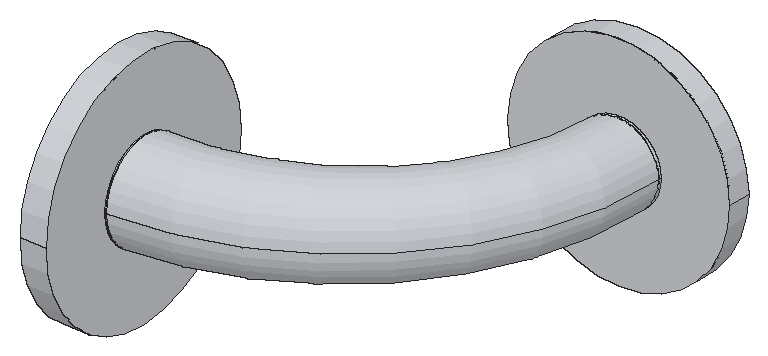
Revit family "M_Redução de cotovelo de raio longo - Flange - GI - Classe 125", category Conexões de tubo, Revit 2019
Family settings
  Cota do conector redondo = Usar raio
  Tipo de parte = Cotovelo
  Número OmniClass = 23.60.30.11.14
  Título OmniClass = Pipework Fittings
  ID de item do Seek = Elbow Reducing Long Radius - Flanged - GI - Class 125-0000-CAN-ENU
  Com base no plano de trabalho = Não
  Sempre na vertical = Sim
  Corte com vazios quando carregada = Não
  Compartilhado = Não
Parameters (values of type "Padrão")
  Espessura da parede 2 [instance] = size_lookup(Nome da tabela de pesquisa, "WThk", 0.04 * Diâmetro nominal 2 + 7.938 mm, Diâmetro nominal 2)  # 7.9 mm
  Espessura da parede 1 [instance] = size_lookup(Nome da tabela de pesquisa, "WThk", 0.04 * Diâmetro nominal 1 + 7.938 mm, Diâmetro nominal 1)  # 7.9 mm
  Tamanho da marca de cota 2 [instance] = Diâmetro da flange 2 * 0.4  # 43.2 mm
  Tamanho da marca de cota 1 [instance] = Diâmetro da flange 1 * 0.4  # 47.2 mm
  Raio nominal 2 [instance] = 12.5 mm
  Diâmetro nominal 2 [instance] = Raio nominal 2 * 2  # 25 mm
  Método de perda = Coeficiente K da tabela
  Nome da tabela de pesquisa = "M_Elbow Reducing Long Radius - Flanged - GI - Class 125"
  Comprimento 8 [instance] = Centro à face - if(Diâmetro nominal máximo 12 = Diâmetro nominal 1, Espessura da flange 1, Espessura da flange 2)  # 127.3 mm
  Comprimento 7 [instance] = Comprimento 1 + Comprimento 1 * cos(Ângulo) + (Espessura da flange 2 + Comprimento 5) * cos(Ângulo)  # 127.3 mm
  Comprimento 6 [instance] = (Espessura da flange 2 + Comprimento 5) * sin(Ângulo)  # 12.7 mm
  Comprimento 5 [instance] = if(Diâmetro nominal máximo 12 = Diâmetro nominal 2, 0.794 mm, if(Centro à face - Espessura da flange 2 - Comprimento 1 > 0.794 mm, Centro à face - Espessura da flange 2 - Comprimento 1, 0.794 mm))  # 1.6 mm
  Comprimento 4 [instance] = if(Diâmetro nominal máximo 12 = Diâmetro nominal 1, 0.794 mm, if(Centro à face - Espessura da flange 1 - Comprimento 1 > 0.794 mm, Centro à face - Espessura da flange 1 - Comprimento 1, 0.794 mm))  # 0.794 mm
  Comprimento 3 [instance] = Comprimento 1 + Comprimento 1 * cos(Ângulo)  # 127.3 mm
  Comprimento 2 [instance] = Comprimento 1 * sin(Ângulo)  # 127.3 mm
  Diâmetro nominal máximo 12 [instance] = if(Diâmetro nominal 1 > Diâmetro nominal 2, Diâmetro nominal 1, Diâmetro nominal 2)  # 32 mm
  Raio de isolamento máximo 12 [instance] = if(Raio externo da conexão 1 > Raio externo da conexão 2, Raio externo da conexão 1, Raio externo da conexão 2)  # 23.9 mm
  Tabela de coeficiente K = "Cotovelo com raio longo flangeado 45, 90 e 180"
  Espessura da flange 2 [instance] = size_lookup(Nome da tabela de pesquisa, "FThk", 0.05 * Diâmetro nominal 2 + 15.974 mm, Diâmetro nominal 2)  # 11.1 mm
  Raio da flange 2 [instance] = Diâmetro da flange 2 / 2  # 54 mm
  Diâmetro da flange 2 [instance] = size_lookup(Nome da tabela de pesquisa, "FDia", 1.19 * Diâmetro nominal 2 + 100.806 mm, Diâmetro nominal 2)  # 108 mm
  Raio externo da conexão 2 [instance] = Diâmetro externo da conexão 2 / 2  # 20.4 mm
  Raio externo da conexão 1 [instance] = Diâmetro externo da conexão 1 / 2  # 23.9 mm
  Diâmetro externo da conexão 2 [instance] = Diâmetro interno da conexão 2 + Espessura da parede 2 * 2  # 40.8 mm
  Diâmetro externo da conexão 1 [instance] = Diâmetro interno da conexão 1 + Espessura da parede 1 * 2  # 47.8 mm
  Comprimento 1 [instance] = if(Raio de isolamento máximo 12 * tan(Ângulo / 2) > Comprimento 8, Raio de isolamento máximo 12 * tan(Ângulo / 2) + 0.794 mm, Comprimento 8)  # 127.3 mm
  Raio nominal 1 [instance] = 16 mm
  Diâmetro nominal 1 [instance] = Raio nominal 1 * 2  # 32 mm
  Diâmetro interno da conexão 2 [instance] = size_lookup(Nome da tabela de pesquisa, "FID", 1.02 * Diâmetro nominal 2 - 1.091 mm, Diâmetro nominal 2)  # 25 mm
  Diâmetro interno da conexão 1 [instance] = size_lookup(Nome da tabela de pesquisa, "FID", 1.02 * Diâmetro nominal 1 - 1.091 mm, Diâmetro nominal 1)  # 32 mm
  Centro à face [instance] = size_lookup(Nome da tabela de pesquisa, "CtF", 1.27 * Diâmetro nominal máximo 12 + 99.814 mm, Diâmetro nominal máximo 12)  # 140 mm
  Raio do centro [instance] = Comprimento 1 / tan(Ângulo / 2)  # 127.3 mm
  Espessura da flange 1 [instance] = size_lookup(Nome da tabela de pesquisa, "FThk", 0.05 * Diâmetro nominal 1 + 15.974 mm, Diâmetro nominal 1)  # 12.7 mm
  Raio da flange 1 [instance] = Diâmetro da flange 1 / 2  # 59 mm
  Diâmetro da flange 1 [instance] = size_lookup(Nome da tabela de pesquisa, "FDia", 1.19 * Diâmetro nominal 1 + 100.806 mm, Diâmetro nominal 1)  # 118 mm
  Assembly Code = ""
  Ângulo [instance] = 90.00°
Reference planes
  plane 1 "Centro (Frente/Trás)": y = 0
  plane 2: z = 0
  plane 3 "Centro (Esquerda/Direita)": x = 0
  plane 4: x = -127.3
  plane 5: y = 127.3
  plane 6: x = 0
  plane 7: y = 127.3
  plane 8: x = -128.094
  plane 9: x = -140.794
  plane 10: x = 0
  plane 11: y = 140
Forms (mm)
  SweptBlend 1, solid, detail levels fine
    path in 3D
      loop
        arc (-127.3, 0, 0) -> (-37.285, 37.285, 0) -> (0, 127.3, 0) r 127.3
    profile origin (-127.3, 0, 0) x (0, 1, 0) y (0, 0, 1)
      loop
        circle (0, 0) r 23.9
    end profile origin (0, 127.3, 0) x (-1, 0, 0) y (0, 0, 1)
      loop
        circle (0, 0) r 20.4
  Sweep 2, solid, detail levels fine
    path in 3D
      loop
        line (-128.094, 0, 0) -> (-127.3, 0, 0)
    profile origin (-127.697, 0, 0) x (0, 1, 0) y (0, 0, 1)
      loop
        circle (0, 0) r 23.9
  Sweep 3, solid, detail levels fine
    path in 3D
      loop
        line (0, 127.3, 0) -> (0, 128.9, 0)
    profile origin (0, 128.1, 0) x (-1, 0, 0) y (0, 0, 1)
      loop
        circle (0, 0) r 20.4
  Sweep 4, solid, detail levels fine
    path in 3D
      loop
        line (-128.094, 0, 0) -> (-140.794, 0, 0)
    profile origin (-134.444, 0, 0) x (0, -1, 0) y (0, 0, 1)
      loop
        circle (0, 0) r 59
  Sweep 5, solid, detail levels fine
    path in 3D
      loop
        line (0, 128.9, 0) -> (0, 140, 0)
    profile origin (0, 134.45, 0) x (-1, 0, 0) y (0, 0, 1)
      loop
        circle (0, 0) r 54
Cuts and joins
  joined: Sweep 2, Sweep 4
  joined: Sweep 3, Sweep 5
Lines and regions (mm)
  model lines, detail levels coarse+medium
    curve 1: arc (-127.3, 0, 0) -> (-37.285, 37.285, 0) -> (0, 127.3, 0) r 127.3
    curve 2: line (-128.094, 0, 0) -> (-127.3, 0, 0)
    curve 3: line (-128.094, 0, 0) -> (-140.794, 0, 0)
    curve 4: line (0, 127.3, 0) -> (0, 128.9, 0)
    curve 5: line (0, 128.9, 0) -> (0, 140, 0)
    curve 11: line (-140.794, 0, 0) -> (-140.794, 47.2, 0)
    curve 12: line (-140.794, 0, 0) -> (-140.794, -47.2, 0)
    curve 13: line (0, 140, 0) -> (43.2, 140, 0)
    curve 14: line (0, 140, 0) -> (-43.2, 140, 0)
  sketch lines
    curve 6: arc (-127.3, 0, 0) -> (-37.285, 37.285, 0) -> (0, 127.3, 0) r 127.3
    curve 7: line (-128.094, 0, 0) -> (-127.3, 0, 0)
    curve 8: line (0, 127.3, 0) -> (0, 128.9, 0)
    curve 9: line (-128.094, 0, 0) -> (-140.794, 0, 0)
    curve 10: line (0, 128.9, 0) -> (0, 140, 0)
Dimensions and locks
  "Comprimento 1": plane 4 to plane 3 "Centro (Esquerda/Direita)"
  "Raio do centro": plane 5 to plane 1 "Centro (Frente/Trás)"
  "Comprimento 3": plane 4 to plane 6
  "Comprimento 2": plane 7 to plane 1 "Centro (Frente/Trás)"
  "Comprimento 4": plane 8 to plane 4
  "Espessura da flange 1": plane 9 to plane 8
  "Comprimento 5": curve 4 to curve 4
  "Espessura da flange 2": curve 5 to curve 5
  "Comprimento 6": plane 11 to plane 7
  "Tamanho da marca de cota 1": curve 11 to curve 11
  "Tamanho da marca de cota 1": curve 12 to curve 12
  "Tamanho da marca de cota 2": curve 13 to curve 13
  "Tamanho da marca de cota 2": curve 14 to curve 14
  "Comprimento 7": plane 4 to plane 10
  "Raio externo da conexão 1": radius of SweptBlend 1 sketch curve
  "Raio externo da conexão 2": radius of SweptBlend 1 sketch curve
  "Raio externo da conexão 1": radius of Sweep 2 sketch curve
  "Raio externo da conexão 2": radius of Sweep 3 sketch curve
  "Raio da flange 1": radius of Sweep 4 sketch curve
  "Raio da flange 2": radius of Sweep 5 sketch curve
  "Ângulo": angle curve 1 to curve 1
  "Ângulo": angle plane 7 to curve 4
  "Ângulo": angle plane 7 to curve 5
  locked: curve 13 to curve 5 (angle 90.00°)
  locked: curve 5 to curve 14 (angle 90.00°)
  aligned and locked: plane 4 to curve 1
  aligned and locked: plane 1 "Centro (Frente/Trás)" to curve 1
  aligned and locked: plane 1 "Centro (Frente/Trás)" to curve 2
  aligned and locked: plane 8 to curve 3
  aligned and locked: plane 6 to curve 4
  aligned and locked: plane 1 "Centro (Frente/Trás)" to curve 12
  aligned and locked: curve 12 to plane 9
Automatic sketch dimensions
  SweptBlend 1 sketch curve to profile plane = 0 mm  (x4)
  Sweep 2 sketch curve to profile plane = 0 mm  (x2)
  Sweep 3 sketch curve to profile plane = 0 mm  (x2)
  Sweep 4 sketch curve to profile plane = 0 mm  (x2)
  Sweep 5 sketch curve to profile plane = 0 mm  (x2)
Connectors
  piping at (-140.794, 0, 0), diameter 32, driven by "Raio nominal 1", driven by "Ângulo"
    settings: on Sweep 4, index 1, connector inside diameter 32 mm, connector length 0 mm, flow factor 0, pipe flow 0.0 L/s, pressure drop 0.0 Pa, fitting loss kfactor 0, connector angle 90.00°, fixture units 0, engagement length 0 mm, angle of deflection 0.00°, flow configuration 0, flow direction 0, fitting loss method 0, system type 28, joint type 0, gender type 0, connector reference index 2, connector utility 0, adjustable connector no, is connector primary yes, connector description ""
  piping at (0, 140, 0), diameter 25, driven by "Ângulo", driven by "Raio nominal 2"
    settings: on Sweep 5, index 2, connector inside diameter 25 mm, connector length 0 mm, flow factor 0, pipe flow 0.0 L/s, pressure drop 0.0 Pa, fitting loss kfactor 0, connector angle 90.00°, fixture units 0, engagement length 0 mm, angle of deflection 0.00°, flow configuration 0, flow direction 0, fitting loss method 0, system type 28, joint type 0, gender type 0, connector reference index 1, connector utility 0, adjustable connector no, is connector primary no, connector description ""
